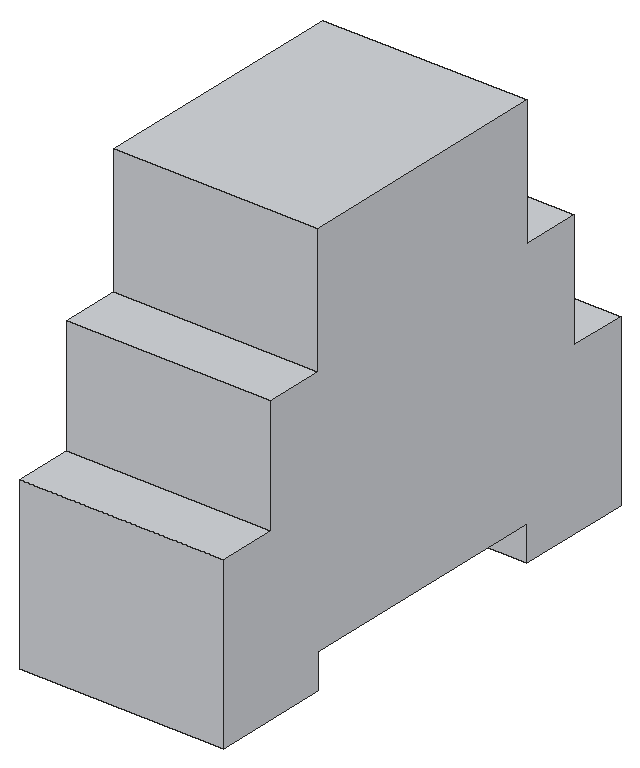
Revit family "Power-ModularDevices-GEWISS-90AM-BELL_BUZZER_TRANSFORMER", category Apparecchi elettrici, host Superficie, Revit 2016
Family settings
  Host = Superficie
  Mantenere orientamento annotazione = Sì
  Tipo di parte = Normale
  Quota connettore circolare = Usa diametro
  Numero OmniClass = 23.80.50.00
  Titolo OmniClass = Terminals for Power Supply
  Taglio con vuoti quando caricato = No
  Condiviso = No
  Punto di calcolo locali = Sì
Parameters (values of type "GW96411 - BELL/BUZZER  230V 2M. WITH TRANSFORMER")
  potenza in watt = 0 V
  carico = Altro
  Version file RFA = "18.0"
  URL = "https://www.gewiss.com/ww/en"
  Technical sheet = "https://www.gewiss.com/ww/en/search?q=GW96411"
  Spostamento_x = -3000 mm
  SS [instance] = 69.967 mm
  SIMBOLO IN PIANTA [instance] = yes
  SEO = "Combined device"
  Realized by GEWISS S.p.A. = ""
  Rated voltage = "230V"
  Default Elevation = 1219.2 mm
  Produttore = "GEWISS S.p.A."
  Power loss = "3,8VA"
  Numero di poli = 1
  Spost_x_eff [instance] = 4000 mm + Spostamento_x  # 1000 mm
  No. of modules EN 50022 = "2"
  No. Chorus modules = "2"
  Modello = "GW96411"
  Immagine tipo = GW96411.jpg
  IFC.TypeObject = ""
  IFC.ExportType = ""
  IFC.ExportAs = ""
  IDT = "a33a8038-7a60-4eae-8e2e-6ed17951036c"
  IDF = "5f240de2-d4ec-4ff8-8fb3-71f135fe2d75"
  Electrocod = "140"
  EAN code = "8011564063693"
  Descrizione = "BELL/BUZZER  230V 2M. WITH TRANSFORMER"
  Catalogue Range = "90 AM"
  Catalogue = "POWER"
  COBie.Tagnumber = ""
  COBie.CreatedOn = ""
  COBie.CreatebBy = ""
  COBie.ComponentRegisterItemID = ""
  COBie.Component.TagNumber = ""
  COBie.Component.Space = ""
  COBie.Component.SerialNumber = ""
  COBie.Component.InstallationDate = ""
  COBie.Component.Description = ""
  COBie.Component.BarCode = ""
  Barra_DIN = 5 mm
Values of the unnamed type that differ from the named types
  Version file RFA = ""
  Technical sheet = ""
  SEO = ""
  Rated voltage = ""
  Power loss = ""
  No. of modules EN 50022 = ""
  No. Chorus modules = ""
  IDT = ""
  IDF = ""
  Electrocod = ""
  EAN code = ""
  Catalogue Range = ""
  Catalogue = ""
Reference planes
  plane 1 "Centro (Fronte/Retro)": y = 0
  plane 2: z = 0
  plane 3 "Centro (Sinistra/Destra)": x = 0
  plane 4: z = 5
  plane 5: x = -1000
  plane 6: x = 0
  plane 7: y = 69.967
Dimensions and locks
  "Barra_DIN": host face to plane 4
  "Spost_x_eff": plane 5 to plane 6
  "SS": plane 1 "Centro (Fronte/Retro)" to plane 7
  aligned and locked: plane 2 to host face
  aligned and locked: level to host face
  aligned and locked: plane 6 to nested 1
  aligned and locked: nested 2 to plane 4
  aligned and locked: nested 2 to plane 7
Automatic sketch dimensions
  host sketch curve to host sketch curve = 6519.2 mm
  host sketch curve to host sketch curve = 4328.142 mm
Nested families
  nested 1: "SUONRONZ" at (0, 117.467, 0), visible <- "SIMBOLO IN PIANTA", type "SUONRONZ"
  nested 2: "GENERICO - 90AM SUONERIE RONZATORI CON TRF" at (0, 69.967, -60), type "GENERICO - 90AM SUONERIE RONZATORI CON TRF"
Definition of nested family "GENERICO - 90AM SUONERIE RONZATORI CON TRF"
  Parameters (values of type "GENERICO - 90AM SUONERIE RONZATORI CON TRF")
    h_barra din = if(Altezza barre = 1 mm, 69.9 mm, if(Altezza barre = 2 mm, 115.8 mm, 0 mm))  # 0 mm
    H = if(AB_O = 1, AB_V, if(AB_O = 2, AB_H, 50.8 mm))  # 50.8 mm
    Dist barra din = 0 mm  # constant formula
    C1 = 49 mm  # constant formula
    C = 65 mm  # constant formula
    B = 85 mm  # constant formula
    Altezza barre = 5 mm  # constant formula
    AB_V = 3 mm  # constant formula
    AB_H = 5 mm  # constant formula
    AB_O = 0  # constant formula
    A = 34.986 mm
  Reference planes
    plane 1 "Centro (Fronte/Retro)": y = 0
    plane 2: z = 0
    plane 3 "Centro (Sinistra/Destra)": x = 0
    plane 4: y = -42.5
    plane 5: y = 42.5
    plane 6: z = 0
    plane 7: z = -6
    plane 8 "top": z = 65
    plane 9 "incasso": z = 43
    plane 10: y = -22.5
    plane 11: y = 22.5
    plane 12: x = -17.493
    plane 13: x = 17.493
    plane 14: through (4267.2, -42.5, 9) normal (0, -0.1901, 0.9818)
    plane 15 "retro": z = 23
    plane 16: y = -32.5
    plane 17: y = 32.5
  Forms (mm)
    Extrusion 1, solid
      sketch origin (0, 0, 0) x (0, 1, 0) y (0, 0, 1)
        loop
          line (-22.5, 0) -> (22.5, 0) -> (22.5, -6) -> (42.5, -6) -> (42.5, 23) -> (32.5, 23) -> (32.5, 43) -> (22.5, 43) -> (22.5, 65) -> (-22.5, 65) -> (-22.5, 43) -> (-32.5, 43) -> (-32.5, 23) -> (-42.5, 23) -> (-42.5, -6) -> (-22.5, -6) -> (-22.5, 0)
      from -17.493 to 17.493
  Lines and regions (mm)
    symbolic lines
      curve 1: line (0, 0, 15) -> (0, 0, -6)
      curve 2: line (0, -22.5, 0) -> (0, 22.5, 0)
    model lines, detail levels fine
      curve 3: line (-13.823, -20.144, 65) -> (-13.823, -22.261, 65)
      curve 4: line (-13.823, -22.261, 65) -> (-14.533, -22.261, 65)
      curve 5: line (-14.533, -22.261, 65) -> (-14.944, -22.209, 65)
      curve 6: line (-14.944, -22.209, 65) -> (-15.447, -21.986, 65)
      curve 7: line (-15.447, -21.986, 65) -> (-15.847, -21.616, 65)
      curve 8: line (-15.847, -21.616, 65) -> (-16.111, -21.116, 65)
      curve 9: line (-16.111, -21.116, 65) -> (-16.193, -20.584, 65)
      curve 10: line (-16.193, -20.584, 65) -> (-16.114, -20.093, 65)
      curve 11: line (-16.114, -20.093, 65) -> (-15.901, -19.66, 65)
      curve 12: line (-15.901, -19.66, 65) -> (-15.52, -19.265, 65)
      curve 13: line (-15.52, -19.265, 65) -> (-15.059, -19.025, 65)
      curve 14: line (-15.059, -19.025, 65) -> (-14.54, -18.94, 65)
      curve 15: line (-14.54, -18.94, 65) -> (-13.823, -18.94, 65)
      curve 16: line (-13.823, -18.94, 65) -> (-13.823, -19.852, 65)
      curve 17: line (-13.823, -19.852, 65) -> (-15.028, -19.852, 65)
      curve 18: line (-15.028, -19.852, 65) -> (-15.028, -21.348, 65)
      curve 19: line (-15.028, -21.348, 65) -> (-14.735, -21.348, 65)
      curve 20: line (-14.735, -21.348, 65) -> (-14.735, -20.144, 65)
      curve 21: line (-14.735, -20.144, 65) -> (-13.823, -20.144, 65)
      curve 22: line (-10.959, -22.261, 65) -> (-13.531, -22.261, 65)
      curve 23: line (-13.531, -22.261, 65) -> (-13.531, -18.94, 65)
      curve 24: line (-13.531, -18.94, 65) -> (-12.163, -18.94, 65)
      curve 25: line (-12.163, -18.94, 65) -> (-12.163, -19.852, 65)
      curve 26: line (-12.163, -19.852, 65) -> (-12.62, -19.852, 65)
      curve 27: line (-12.62, -19.852, 65) -> (-12.62, -20.144, 65)
      curve 28: line (-12.62, -20.144, 65) -> (-10.959, -20.144, 65)
      curve 29: line (-10.959, -20.144, 65) -> (-10.959, -21.057, 65)
      curve 30: line (-10.959, -21.057, 65) -> (-12.619, -21.057, 65)
      curve 31: line (-12.619, -21.057, 65) -> (-12.619, -21.348, 65)
      curve 32: line (-12.619, -21.348, 65) -> (-10.959, -21.348, 65)
      curve 33: line (-10.959, -21.348, 65) -> (-10.959, -22.261, 65)
      curve 34: line (-6.305, -22.261, 65) -> (-6.305, -20.144, 65)
      curve 35: line (-6.305, -20.144, 65) -> (-7.218, -20.144, 65)
      curve 36: line (-7.218, -20.144, 65) -> (-7.218, -22.261, 65)
      curve 37: line (-7.218, -22.261, 65) -> (-6.305, -22.261, 65)
      curve 38: line (-9.362, -22.261, 65) -> (-9.088, -20.892, 65)
      curve 39: line (-9.088, -20.892, 65) -> (-8.814, -22.261, 65)
      curve 40: line (-8.814, -22.261, 65) -> (-7.902, -22.261, 65)
      curve 41: line (-7.902, -22.261, 65) -> (-7.336, -19.852, 65)
      curve 42: line (-7.336, -19.852, 65) -> (-6.305, -19.852, 65)
      curve 43: line (-6.305, -19.852, 65) -> (-6.305, -18.94, 65)
      curve 44: line (-6.305, -18.94, 65) -> (-8.057, -18.94, 65)
      curve 45: line (-8.057, -18.94, 65) -> (-8.386, -20.345, 65)
      curve 46: line (-8.386, -20.345, 65) -> (-8.614, -18.94, 65)
      curve 47: line (-8.614, -18.94, 65) -> (-9.563, -18.94, 65)
      curve 48: line (-9.563, -18.94, 65) -> (-9.791, -20.345, 65)
      curve 49: line (-9.791, -20.345, 65) -> (-10.119, -18.94, 65)
      curve 50: line (-10.119, -18.94, 65) -> (-11.871, -18.94, 65)
      curve 51: line (-11.871, -18.94, 65) -> (-11.871, -19.852, 65)
      curve 52: line (-11.871, -19.852, 65) -> (-10.84, -19.852, 65)
      curve 53: line (-10.84, -19.852, 65) -> (-10.275, -22.261, 65)
      curve 54: line (-10.275, -22.261, 65) -> (-9.362, -22.261, 65)
      curve 55: line (-3.44, -18.94, 65) -> (-6.013, -18.94, 65)
      curve 56: line (-6.013, -18.94, 65) -> (-6.013, -21.056, 65)
      curve 57: line (-6.013, -21.056, 65) -> (-4.353, -21.056, 65)
      curve 58: line (-4.353, -21.056, 65) -> (-4.353, -21.348, 65)
      curve 59: line (-4.353, -21.348, 65) -> (-6.013, -21.348, 65)
      curve 60: line (-6.013, -21.348, 65) -> (-6.013, -22.261, 65)
      curve 61: line (-6.013, -22.261, 65) -> (-3.44, -22.261, 65)
      curve 62: line (-3.44, -22.261, 65) -> (-3.44, -20.144, 65)
      curve 63: line (-3.44, -20.144, 65) -> (-5.101, -20.144, 65)
      curve 64: line (-5.101, -20.144, 65) -> (-5.101, -19.852, 65)
      curve 65: line (-5.101, -19.852, 65) -> (-3.44, -19.852, 65)
      curve 66: line (-3.44, -19.852, 65) -> (-3.44, -18.94, 65)
      curve 67: line (-3.148, -18.94, 65) -> (-3.148, -21.056, 65)
      curve 68: line (-3.148, -21.056, 65) -> (-1.6, -21.056, 65)
      curve 69: line (-1.6, -21.056, 65) -> (-1.6, -21.348, 65)
      curve 70: line (-1.6, -21.348, 65) -> (-3.148, -21.348, 65)
      curve 71: line (-3.148, -21.348, 65) -> (-3.148, -22.261, 65)
      curve 72: line (-3.148, -22.261, 65) -> (-2.236, -22.261, 65)
      curve 73: line (-2.236, -22.261, 65) -> (-1.709, -22.092, 65)
      curve 74: line (-1.709, -22.092, 65) -> (-1.369, -21.87, 65)
      curve 75: line (-1.369, -21.87, 65) -> (-0.98, -21.392, 65)
      curve 76: line (-0.98, -21.392, 65) -> (-0.799, -20.856, 65)
      curve 77: line (-0.799, -20.856, 65) -> (-0.793, -20.381, 65)
      curve 78: line (-0.793, -20.381, 65) -> (-0.843, -20.144, 65)
      curve 79: line (-0.843, -20.144, 65) -> (-2.236, -20.144, 65)
      curve 80: line (-2.236, -20.144, 65) -> (-2.236, -19.852, 65)
      curve 81: line (-2.236, -19.852, 65) -> (-0.967, -19.852, 65)
      curve 82: line (-0.967, -19.852, 65) -> (-1.132, -19.576, 65)
      curve 83: line (-1.132, -19.576, 65) -> (-1.369, -19.33, 65)
      curve 84: line (-1.369, -19.33, 65) -> (-1.699, -19.114, 65)
      curve 85: line (-1.699, -19.114, 65) -> (-2.044, -18.987, 65)
      curve 86: line (-2.044, -18.987, 65) -> (-2.432, -18.94, 65)
      curve 87: line (-2.432, -18.94, 65) -> (-3.148, -18.94, 65)
    model lines, detail levels medium+fine
      curve 88: line (-4.227, 11.663, 65) -> (-4.443, 11.144, 65)
      curve 89: line (-4.443, 11.144, 65) -> (-4.962, 10.929, 65)
      curve 90: line (-4.962, 10.929, 65) -> (-5.481, 11.144, 65)
      curve 91: line (-5.481, 11.144, 65) -> (-5.696, 11.663, 65)
      curve 92: line (-5.696, 11.663, 65) -> (-5.481, 12.182, 65)
      curve 93: line (-5.481, 12.182, 65) -> (-4.962, 12.398, 65)
      curve 94: line (-4.962, 12.398, 65) -> (-4.443, 12.182, 65)
      curve 95: line (-4.443, 12.182, 65) -> (-4.227, 11.663, 65)
      curve 96: line (0.773, 11.663, 65) -> (0.557, 11.144, 65)
      curve 97: line (0.557, 11.144, 65) -> (0.038, 10.929, 65)
      curve 98: line (0.038, 10.929, 65) -> (-0.481, 11.144, 65)
      curve 99: line (-0.481, 11.144, 65) -> (-0.696, 11.663, 65)
      curve 100: line (-0.696, 11.663, 65) -> (-0.481, 12.182, 65)
      curve 101: line (-0.481, 12.182, 65) -> (0.038, 12.398, 65)
      curve 102: line (0.038, 12.398, 65) -> (0.557, 12.182, 65)
      curve 103: line (0.557, 12.182, 65) -> (0.773, 11.663, 65)
      curve 104: line (5.773, 11.663, 65) -> (5.557, 11.144, 65)
      curve 105: line (5.557, 11.144, 65) -> (5.038, 10.929, 65)
      curve 106: line (5.038, 10.929, 65) -> (4.519, 11.144, 65)
      curve 107: line (4.519, 11.144, 65) -> (4.304, 11.663, 65)
      curve 108: line (4.304, 11.663, 65) -> (4.519, 12.182, 65)
      curve 109: line (4.519, 12.182, 65) -> (5.038, 12.398, 65)
      curve 110: line (5.038, 12.398, 65) -> (5.557, 12.182, 65)
      curve 111: line (5.557, 12.182, 65) -> (5.773, 11.663, 65)
      curve 112: line (-4.227, 6.663, 65) -> (-4.443, 6.144, 65)
      curve 113: line (-4.443, 6.144, 65) -> (-4.962, 5.929, 65)
      curve 114: line (-4.962, 5.929, 65) -> (-5.481, 6.144, 65)
      curve 115: line (-5.481, 6.144, 65) -> (-5.696, 6.663, 65)
      curve 116: line (-5.696, 6.663, 65) -> (-5.481, 7.182, 65)
      curve 117: line (-5.481, 7.182, 65) -> (-4.962, 7.398, 65)
      curve 118: line (-4.962, 7.398, 65) -> (-4.443, 7.182, 65)
      curve 119: line (-4.443, 7.182, 65) -> (-4.227, 6.663, 65)
      curve 120: line (0.773, 6.663, 65) -> (0.557, 6.144, 65)
      curve 121: line (0.557, 6.144, 65) -> (0.038, 5.929, 65)
      curve 122: line (0.038, 5.929, 65) -> (-0.481, 6.144, 65)
      curve 123: line (-0.481, 6.144, 65) -> (-0.696, 6.663, 65)
      curve 124: line (-0.696, 6.663, 65) -> (-0.481, 7.182, 65)
      curve 125: line (-0.481, 7.182, 65) -> (0.038, 7.398, 65)
      curve 126: line (0.038, 7.398, 65) -> (0.557, 7.182, 65)
      curve 127: line (0.557, 7.182, 65) -> (0.773, 6.663, 65)
      curve 128: line (5.773, 6.663, 65) -> (5.557, 6.144, 65)
      curve 129: line (5.557, 6.144, 65) -> (5.038, 5.929, 65)
      curve 130: line (5.038, 5.929, 65) -> (4.519, 6.144, 65)
      curve 131: line (4.519, 6.144, 65) -> (4.304, 6.663, 65)
      curve 132: line (4.304, 6.663, 65) -> (4.519, 7.182, 65)
      curve 133: line (4.519, 7.182, 65) -> (5.038, 7.398, 65)
      curve 134: line (5.038, 7.398, 65) -> (5.557, 7.182, 65)
      curve 135: line (5.557, 7.182, 65) -> (5.773, 6.663, 65)
      curve 136: line (-4.227, 1.663, 65) -> (-4.443, 1.144, 65)
      curve 137: line (-4.443, 1.144, 65) -> (-4.962, 0.929, 65)
      curve 138: line (-4.962, 0.929, 65) -> (-5.481, 1.144, 65)
      curve 139: line (-5.481, 1.144, 65) -> (-5.696, 1.663, 65)
      curve 140: line (-5.696, 1.663, 65) -> (-5.481, 2.182, 65)
      curve 141: line (-5.481, 2.182, 65) -> (-4.962, 2.398, 65)
      curve 142: line (-4.962, 2.398, 65) -> (-4.443, 2.182, 65)
      curve 143: line (-4.443, 2.182, 65) -> (-4.227, 1.663, 65)
      curve 144: line (0.773, 1.663, 65) -> (0.557, 1.144, 65)
      curve 145: line (0.557, 1.144, 65) -> (0.038, 0.929, 65)
      curve 146: line (0.038, 0.929, 65) -> (-0.481, 1.144, 65)
      curve 147: line (-0.481, 1.144, 65) -> (-0.696, 1.663, 65)
      curve 148: line (-0.696, 1.663, 65) -> (-0.481, 2.182, 65)
      curve 149: line (-0.481, 2.182, 65) -> (0.038, 2.398, 65)
      curve 150: line (0.038, 2.398, 65) -> (0.557, 2.182, 65)
      curve 151: line (0.557, 2.182, 65) -> (0.773, 1.663, 65)
      curve 152: line (5.773, 1.663, 65) -> (5.557, 1.144, 65)
      curve 153: line (5.557, 1.144, 65) -> (5.038, 0.929, 65)
      curve 154: line (5.038, 0.929, 65) -> (4.519, 1.144, 65)
      curve 155: line (4.519, 1.144, 65) -> (4.304, 1.663, 65)
      curve 156: line (4.304, 1.663, 65) -> (4.519, 2.182, 65)
      curve 157: line (4.519, 2.182, 65) -> (5.038, 2.398, 65)
      curve 158: line (5.038, 2.398, 65) -> (5.557, 2.182, 65)
      curve 159: line (5.557, 2.182, 65) -> (5.773, 1.663, 65)
      curve 160: line (-4.227, -3.337, 65) -> (-4.443, -3.856, 65)
      curve 161: line (-4.443, -3.856, 65) -> (-4.962, -4.071, 65)
      curve 162: line (-4.962, -4.071, 65) -> (-5.481, -3.856, 65)
      curve 163: line (-5.481, -3.856, 65) -> (-5.696, -3.337, 65)
      curve 164: line (-5.696, -3.337, 65) -> (-5.481, -2.818, 65)
      curve 165: line (-5.481, -2.818, 65) -> (-4.962, -2.602, 65)
      curve 166: line (-4.962, -2.602, 65) -> (-4.443, -2.818, 65)
      curve 167: line (-4.443, -2.818, 65) -> (-4.227, -3.337, 65)
      curve 168: line (0.773, -3.337, 65) -> (0.557, -3.856, 65)
      curve 169: line (0.557, -3.856, 65) -> (0.038, -4.071, 65)
      curve 170: line (0.038, -4.071, 65) -> (-0.481, -3.856, 65)
      curve 171: line (-0.481, -3.856, 65) -> (-0.696, -3.337, 65)
      curve 172: line (-0.696, -3.337, 65) -> (-0.481, -2.818, 65)
      curve 173: line (-0.481, -2.818, 65) -> (0.038, -2.602, 65)
      curve 174: line (0.038, -2.602, 65) -> (0.557, -2.818, 65)
      curve 175: line (0.557, -2.818, 65) -> (0.773, -3.337, 65)
      curve 176: line (5.773, -3.337, 65) -> (5.557, -3.856, 65)
      curve 177: line (5.557, -3.856, 65) -> (5.038, -4.071, 65)
      curve 178: line (5.038, -4.071, 65) -> (4.519, -3.856, 65)
      curve 179: line (4.519, -3.856, 65) -> (4.304, -3.337, 65)
      curve 180: line (4.304, -3.337, 65) -> (4.519, -2.818, 65)
      curve 181: line (4.519, -2.818, 65) -> (5.038, -2.602, 65)
      curve 182: line (5.038, -2.602, 65) -> (5.557, -2.818, 65)
      curve 183: line (5.557, -2.818, 65) -> (5.773, -3.337, 65)
      curve 184: line (-4.227, -8.337, 65) -> (-4.443, -8.856, 65)
      curve 185: line (-4.443, -8.856, 65) -> (-4.962, -9.071, 65)
      curve 186: line (-4.962, -9.071, 65) -> (-5.481, -8.856, 65)
      curve 187: line (-5.481, -8.856, 65) -> (-5.696, -8.337, 65)
      curve 188: line (-5.696, -8.337, 65) -> (-5.481, -7.818, 65)
      curve 189: line (-5.481, -7.818, 65) -> (-4.962, -7.602, 65)
      curve 190: line (-4.962, -7.602, 65) -> (-4.443, -7.818, 65)
      curve 191: line (-4.443, -7.818, 65) -> (-4.227, -8.337, 65)
      curve 192: line (0.773, -8.337, 65) -> (0.557, -8.856, 65)
      curve 193: line (0.557, -8.856, 65) -> (0.038, -9.071, 65)
      curve 194: line (0.038, -9.071, 65) -> (-0.481, -8.856, 65)
      curve 195: line (-0.481, -8.856, 65) -> (-0.696, -8.337, 65)
      curve 196: line (-0.696, -8.337, 65) -> (-0.481, -7.818, 65)
      curve 197: line (-0.481, -7.818, 65) -> (0.038, -7.602, 65)
      curve 198: line (0.038, -7.602, 65) -> (0.557, -7.818, 65)
      curve 199: line (0.557, -7.818, 65) -> (0.773, -8.337, 65)
      curve 200: line (5.773, -8.337, 65) -> (5.557, -8.856, 65)
      curve 201: line (5.557, -8.856, 65) -> (5.038, -9.071, 65)
      curve 202: line (5.038, -9.071, 65) -> (4.519, -8.856, 65)
      curve 203: line (4.519, -8.856, 65) -> (4.304, -8.337, 65)
      curve 204: line (4.304, -8.337, 65) -> (4.519, -7.818, 65)
      curve 205: line (4.519, -7.818, 65) -> (5.038, -7.602, 65)
      curve 206: line (5.038, -7.602, 65) -> (5.557, -7.818, 65)
      curve 207: line (5.557, -7.818, 65) -> (5.773, -8.337, 65)
      curve 208: line (-9.227, 11.663, 65) -> (-9.443, 11.144, 65)
      curve 209: line (-9.443, 11.144, 65) -> (-9.962, 10.929, 65)
      curve 210: line (-9.962, 10.929, 65) -> (-10.481, 11.144, 65)
      curve 211: line (-10.481, 11.144, 65) -> (-10.696, 11.663, 65)
      curve 212: line (-10.696, 11.663, 65) -> (-10.481, 12.182, 65)
      curve 213: line (-10.481, 12.182, 65) -> (-9.962, 12.398, 65)
      curve 214: line (-9.962, 12.398, 65) -> (-9.443, 12.182, 65)
      curve 215: line (-9.443, 12.182, 65) -> (-9.227, 11.663, 65)
      curve 216: line (-9.227, 6.663, 65) -> (-9.443, 6.144, 65)
      curve 217: line (-9.443, 6.144, 65) -> (-9.962, 5.929, 65)
      curve 218: line (-9.962, 5.929, 65) -> (-10.481, 6.144, 65)
      curve 219: line (-10.481, 6.144, 65) -> (-10.696, 6.663, 65)
      curve 220: line (-10.696, 6.663, 65) -> (-10.481, 7.182, 65)
      curve 221: line (-10.481, 7.182, 65) -> (-9.962, 7.398, 65)
      curve 222: line (-9.962, 7.398, 65) -> (-9.443, 7.182, 65)
      curve 223: line (-9.443, 7.182, 65) -> (-9.227, 6.663, 65)
      curve 224: line (-9.227, 1.663, 65) -> (-9.443, 1.144, 65)
      curve 225: line (-9.443, 1.144, 65) -> (-9.962, 0.929, 65)
      curve 226: line (-9.962, 0.929, 65) -> (-10.481, 1.144, 65)
      curve 227: line (-10.481, 1.144, 65) -> (-10.696, 1.663, 65)
      curve 228: line (-10.696, 1.663, 65) -> (-10.481, 2.182, 65)
      curve 229: line (-10.481, 2.182, 65) -> (-9.962, 2.398, 65)
      curve 230: line (-9.962, 2.398, 65) -> (-9.443, 2.182, 65)
      curve 231: line (-9.443, 2.182, 65) -> (-9.227, 1.663, 65)
      curve 232: line (-9.227, -3.337, 65) -> (-9.443, -3.856, 65)
      curve 233: line (-9.443, -3.856, 65) -> (-9.962, -4.071, 65)
      curve 234: line (-9.962, -4.071, 65) -> (-10.481, -3.856, 65)
      curve 235: line (-10.481, -3.856, 65) -> (-10.696, -3.337, 65)
      curve 236: line (-10.696, -3.337, 65) -> (-10.481, -2.818, 65)
      curve 237: line (-10.481, -2.818, 65) -> (-9.962, -2.602, 65)
      curve 238: line (-9.962, -2.602, 65) -> (-9.443, -2.818, 65)
      curve 239: line (-9.443, -2.818, 65) -> (-9.227, -3.337, 65)
      curve 240: line (-9.227, -8.337, 65) -> (-9.443, -8.856, 65)
      curve 241: line (-9.443, -8.856, 65) -> (-9.962, -9.071, 65)
      curve 242: line (-9.962, -9.071, 65) -> (-10.481, -8.856, 65)
      curve 243: line (-10.481, -8.856, 65) -> (-10.696, -8.337, 65)
      curve 244: line (-10.696, -8.337, 65) -> (-10.481, -7.818, 65)
      curve 245: line (-10.481, -7.818, 65) -> (-9.962, -7.602, 65)
      curve 246: line (-9.962, -7.602, 65) -> (-9.443, -7.818, 65)
      curve 247: line (-9.443, -7.818, 65) -> (-9.227, -8.337, 65)
      curve 248: line (10.773, 11.663, 65) -> (10.557, 11.144, 65)
      curve 249: line (10.557, 11.144, 65) -> (10.038, 10.929, 65)
      curve 250: line (10.038, 10.929, 65) -> (9.519, 11.144, 65)
      curve 251: line (9.519, 11.144, 65) -> (9.304, 11.663, 65)
      curve 252: line (9.304, 11.663, 65) -> (9.519, 12.182, 65)
      curve 253: line (9.519, 12.182, 65) -> (10.038, 12.398, 65)
      curve 254: line (10.038, 12.398, 65) -> (10.557, 12.182, 65)
      curve 255: line (10.557, 12.182, 65) -> (10.773, 11.663, 65)
      curve 256: line (15.773, 11.663, 65) -> (15.557, 11.144, 65)
      curve 257: line (15.557, 11.144, 65) -> (15.038, 10.929, 65)
      curve 258: line (15.038, 10.929, 65) -> (14.519, 11.144, 65)
      curve 259: line (14.519, 11.144, 65) -> (14.304, 11.663, 65)
      curve 260: line (14.304, 11.663, 65) -> (14.519, 12.182, 65)
      curve 261: line (14.519, 12.182, 65) -> (15.038, 12.398, 65)
      curve 262: line (15.038, 12.398, 65) -> (15.557, 12.182, 65)
      curve 263: line (15.557, 12.182, 65) -> (15.773, 11.663, 65)
      curve 264: line (10.773, 6.663, 65) -> (10.557, 6.144, 65)
      curve 265: line (10.557, 6.144, 65) -> (10.038, 5.929, 65)
      curve 266: line (10.038, 5.929, 65) -> (9.519, 6.144, 65)
      curve 267: line (9.519, 6.144, 65) -> (9.304, 6.663, 65)
      curve 268: line (9.304, 6.663, 65) -> (9.519, 7.182, 65)
      curve 269: line (9.519, 7.182, 65) -> (10.038, 7.398, 65)
      curve 270: line (10.038, 7.398, 65) -> (10.557, 7.182, 65)
      curve 271: line (10.557, 7.182, 65) -> (10.773, 6.663, 65)
      curve 272: line (15.773, 6.663, 65) -> (15.557, 6.144, 65)
      curve 273: line (15.557, 6.144, 65) -> (15.038, 5.929, 65)
      curve 274: line (15.038, 5.929, 65) -> (14.519, 6.144, 65)
      curve 275: line (14.519, 6.144, 65) -> (14.304, 6.663, 65)
      curve 276: line (14.304, 6.663, 65) -> (14.519, 7.182, 65)
      curve 277: line (14.519, 7.182, 65) -> (15.038, 7.398, 65)
      curve 278: line (15.038, 7.398, 65) -> (15.557, 7.182, 65)
      curve 279: line (15.557, 7.182, 65) -> (15.773, 6.663, 65)
      curve 280: line (10.773, 1.663, 65) -> (10.557, 1.144, 65)
      curve 281: line (10.557, 1.144, 65) -> (10.038, 0.929, 65)
      curve 282: line (10.038, 0.929, 65) -> (9.519, 1.144, 65)
      curve 283: line (9.519, 1.144, 65) -> (9.304, 1.663, 65)
      curve 284: line (9.304, 1.663, 65) -> (9.519, 2.182, 65)
      curve 285: line (9.519, 2.182, 65) -> (10.038, 2.398, 65)
      curve 286: line (10.038, 2.398, 65) -> (10.557, 2.182, 65)
      curve 287: line (10.557, 2.182, 65) -> (10.773, 1.663, 65)
      curve 288: line (15.773, 1.663, 65) -> (15.557, 1.144, 65)
      curve 289: line (15.557, 1.144, 65) -> (15.038, 0.929, 65)
      curve 290: line (15.038, 0.929, 65) -> (14.519, 1.144, 65)
      curve 291: line (14.519, 1.144, 65) -> (14.304, 1.663, 65)
      curve 292: line (14.304, 1.663, 65) -> (14.519, 2.182, 65)
      curve 293: line (14.519, 2.182, 65) -> (15.038, 2.398, 65)
      curve 294: line (15.038, 2.398, 65) -> (15.557, 2.182, 65)
      curve 295: line (15.557, 2.182, 65) -> (15.773, 1.663, 65)
      curve 296: line (10.773, -3.337, 65) -> (10.557, -3.856, 65)
      curve 297: line (10.557, -3.856, 65) -> (10.038, -4.071, 65)
      curve 298: line (10.038, -4.071, 65) -> (9.519, -3.856, 65)
      curve 299: line (9.519, -3.856, 65) -> (9.304, -3.337, 65)
      curve 300: line (9.304, -3.337, 65) -> (9.519, -2.818, 65)
      curve 301: line (9.519, -2.818, 65) -> (10.038, -2.602, 65)
      curve 302: line (10.038, -2.602, 65) -> (10.557, -2.818, 65)
      curve 303: line (10.557, -2.818, 65) -> (10.773, -3.337, 65)
      curve 304: line (15.773, -3.337, 65) -> (15.557, -3.856, 65)
      curve 305: line (15.557, -3.856, 65) -> (15.038, -4.071, 65)
      curve 306: line (15.038, -4.071, 65) -> (14.519, -3.856, 65)
      curve 307: line (14.519, -3.856, 65) -> (14.304, -3.337, 65)
      curve 308: line (14.304, -3.337, 65) -> (14.519, -2.818, 65)
      curve 309: line (14.519, -2.818, 65) -> (15.038, -2.602, 65)
      curve 310: line (15.038, -2.602, 65) -> (15.557, -2.818, 65)
      curve 311: line (15.557, -2.818, 65) -> (15.773, -3.337, 65)
      curve 312: line (10.773, -8.337, 65) -> (10.557, -8.856, 65)
      curve 313: line (10.557, -8.856, 65) -> (10.038, -9.071, 65)
      curve 314: line (10.038, -9.071, 65) -> (9.519, -8.856, 65)
      curve 315: line (9.519, -8.856, 65) -> (9.304, -8.337, 65)
      curve 316: line (9.304, -8.337, 65) -> (9.519, -7.818, 65)
      curve 317: line (9.519, -7.818, 65) -> (10.038, -7.602, 65)
      curve 318: line (10.038, -7.602, 65) -> (10.557, -7.818, 65)
      curve 319: line (10.557, -7.818, 65) -> (10.773, -8.337, 65)
      curve 320: line (15.773, -8.337, 65) -> (15.557, -8.856, 65)
      curve 321: line (15.557, -8.856, 65) -> (15.038, -9.071, 65)
      curve 322: line (15.038, -9.071, 65) -> (14.519, -8.856, 65)
      curve 323: line (14.519, -8.856, 65) -> (14.304, -8.337, 65)
      curve 324: line (14.304, -8.337, 65) -> (14.519, -7.818, 65)
      curve 325: line (14.519, -7.818, 65) -> (15.038, -7.602, 65)
      curve 326: line (15.038, -7.602, 65) -> (15.557, -7.818, 65)
      curve 327: line (15.557, -7.818, 65) -> (15.773, -8.337, 65)
      curve 328: line (-14.227, 11.663, 65) -> (-14.443, 11.144, 65)
      curve 329: line (-14.443, 11.144, 65) -> (-14.962, 10.929, 65)
      curve 330: line (-14.962, 10.929, 65) -> (-15.481, 11.144, 65)
      curve 331: line (-15.481, 11.144, 65) -> (-15.696, 11.663, 65)
      curve 332: line (-15.696, 11.663, 65) -> (-15.481, 12.182, 65)
      curve 333: line (-15.481, 12.182, 65) -> (-14.962, 12.398, 65)
      curve 334: line (-14.962, 12.398, 65) -> (-14.443, 12.182, 65)
      curve 335: line (-14.443, 12.182, 65) -> (-14.227, 11.663, 65)
      curve 336: line (-14.227, 6.663, 65) -> (-14.443, 6.144, 65)
      curve 337: line (-14.443, 6.144, 65) -> (-14.962, 5.929, 65)
      curve 338: line (-14.962, 5.929, 65) -> (-15.481, 6.144, 65)
      curve 339: line (-15.481, 6.144, 65) -> (-15.696, 6.663, 65)
      curve 340: line (-15.696, 6.663, 65) -> (-15.481, 7.182, 65)
      curve 341: line (-15.481, 7.182, 65) -> (-14.962, 7.398, 65)
      curve 342: line (-14.962, 7.398, 65) -> (-14.443, 7.182, 65)
      curve 343: line (-14.443, 7.182, 65) -> (-14.227, 6.663, 65)
      curve 344: line (-14.227, 1.663, 65) -> (-14.443, 1.144, 65)
      curve 345: line (-14.443, 1.144, 65) -> (-14.962, 0.929, 65)
      curve 346: line (-14.962, 0.929, 65) -> (-15.481, 1.144, 65)
      curve 347: line (-15.481, 1.144, 65) -> (-15.696, 1.663, 65)
      curve 348: line (-15.696, 1.663, 65) -> (-15.481, 2.182, 65)
      curve 349: line (-15.481, 2.182, 65) -> (-14.962, 2.398, 65)
      curve 350: line (-14.962, 2.398, 65) -> (-14.443, 2.182, 65)
      curve 351: line (-14.443, 2.182, 65) -> (-14.227, 1.663, 65)
      curve 352: line (-14.227, -3.337, 65) -> (-14.443, -3.856, 65)
      curve 353: line (-14.443, -3.856, 65) -> (-14.962, -4.071, 65)
      curve 354: line (-14.962, -4.071, 65) -> (-15.481, -3.856, 65)
      curve 355: line (-15.481, -3.856, 65) -> (-15.696, -3.337, 65)
      curve 356: line (-15.696, -3.337, 65) -> (-15.481, -2.818, 65)
      curve 357: line (-15.481, -2.818, 65) -> (-14.962, -2.602, 65)
      curve 358: line (-14.962, -2.602, 65) -> (-14.443, -2.818, 65)
      curve 359: line (-14.443, -2.818, 65) -> (-14.227, -3.337, 65)
      curve 360: line (-14.227, -8.337, 65) -> (-14.443, -8.856, 65)
      curve 361: line (-14.443, -8.856, 65) -> (-14.962, -9.071, 65)
      curve 362: line (-14.962, -9.071, 65) -> (-15.481, -8.856, 65)
      curve 363: line (-15.481, -8.856, 65) -> (-15.696, -8.337, 65)
      curve 364: line (-15.696, -8.337, 65) -> (-15.481, -7.818, 65)
      curve 365: line (-15.481, -7.818, 65) -> (-14.962, -7.602, 65)
      curve 366: line (-14.962, -7.602, 65) -> (-14.443, -7.818, 65)
      curve 367: line (-14.443, -7.818, 65) -> (-14.227, -8.337, 65)
      curve 368: circle (-13.181, -36.591, 23) r 2.5 normal (0, 0, 1)
      curve 369: circle (-4.67, -36.591, 23) r 2.5 normal (0, 0, 1)
      curve 370: circle (4.319, -36.591, 23) r 2.5 normal (0, 0, 1)
      curve 371: circle (12.83, -36.591, 23) r 2.5 normal (0, 0, 1)
      curve 372: circle (-12.868, 36.25, 23) r 2.5 normal (0, 0, 1)
      curve 373: circle (-4.357, 36.25, 23) r 2.5 normal (0, 0, 1)
      curve 374: circle (4.632, 36.25, 23) r 2.5 normal (0, 0, 1)
      curve 375: circle (13.143, 36.25, 23) r 2.5 normal (0, 0, 1)
  Text (mm)
    text "AB_V" at (0, 50.868, 44.72), in view "Destra"
    text "AB_O" at (0, -80.659, 111.963), in view "Destra"
  Dimensions and locks
    equal spacing: plane 4, plane 1 "Centro (Fronte/Retro)", plane 5
    "B": plane 4 to plane 5
    "Dist barra din": plane 6 to level
    locked: plane 6 to plane 7 at 6
    "C": plane 8 "top" to plane 6
    equal spacing: plane 10, plane 1 "Centro (Fronte/Retro)", plane 11
    plane 10 to plane 11 = 45 mm
    equal spacing: plane 12, plane 3 "Centro (Sinistra/Destra)", plane 13
    "A": plane 12 to plane 13
    "C1": plane 9 "incasso" to plane 7
    locked: plane 16 to plane 10 at 10
    locked: plane 11 to plane 17 at 10
    angle level to plane 14 = 10.9557°
    angle plane 4 to plane 8 "top" = 90.00°
    aligned and locked: level to plane 2
    aligned and locked: Extrusion 1 sketch curve to plane 6
    aligned and locked: Extrusion 1 sketch curve to plane 7
    aligned and locked: Extrusion 1 sketch curve to plane 4
    aligned and locked: Extrusion 1 sketch curve to plane 11  (x2)
    aligned and locked: Extrusion 1 sketch curve to plane 10
    aligned and locked: plane 1 "Centro (Fronte/Retro)" to curve 1
    aligned and locked: Extrusion 1 to plane 6
    aligned and locked: Extrusion 1 to plane 12
    aligned and locked: plane 13 to Extrusion 1
    aligned and locked: plane 10 to Extrusion 1 sketch curve
    aligned and locked: Extrusion 1 sketch curve to plane 9 "incasso"
    aligned and locked: plane 9 "incasso" to Extrusion 1 sketch curve
    aligned and locked: Extrusion 1 sketch curve to plane 5
    aligned and locked: Extrusion 1 sketch curve to plane 16
    aligned and locked: Extrusion 1 sketch curve to plane 17
    aligned and locked: Extrusion 1 sketch curve to plane 15 "retro"
    aligned and locked: plane 15 "retro" to Extrusion 1 sketch curve
  Automatic sketch dimensions
    Extrusion 1 sketch curve to plane 7 = 0 mm
    Extrusion 1 sketch curve to plane 8 "top" = 0 mm
    curve 2 to level = 0 mm
    curve 2 to plane 10 = 0 mm
    curve 2 to plane 11 = 0 mm
    curve 1 to plane 7 = 0 mm
    plane 15 "retro" to curve 1 = 8 mm
    plane 3 "Centro (Sinistra/Destra)" to curve 101 = 0.038 mm
    curve 101 to plane 11 = 10.102 mm
    plane 12 to curve 333 = 2.531 mm
    curve 333 to plane 11 = 10.102 mm
    curve 333 to curve 213 = 0 mm
    curve 262 to plane 13 = 2.455 mm
    curve 262 to plane 11 = 10.102 mm
    curve 254 to curve 261 = 0 mm
    curve 94 to plane 3 "Centro (Sinistra/Destra)" = 4.962 mm
    curve 94 to curve 101 = 0 mm
    curve 101 to curve 109 = 0 mm
    curve 109 to curve 110 = 0.215 mm
    curve 93 to plane 3 "Centro (Sinistra/Destra)" = 5.481 mm
    curve 93 to curve 93 = 0.215 mm
    plane 3 "Centro (Sinistra/Destra)" to curve 109 = 4.519 mm
    curve 109 to curve 109 = 0.215 mm
    plane 12 to curve 332 = 2.012 mm
    curve 333 to curve 332 = 0.215 mm
    plane 12 to curve 335 = 3.051 mm
    curve 333 to curve 335 = 0.215 mm
    curve 253 to curve 252 = 0.215 mm
    curve 213 to curve 214 = 0.215 mm
    curve 253 to curve 254 = 0.215 mm
    curve 94 to plane 3 "Centro (Sinistra/Destra)" = 4.443 mm
    curve 93 to curve 94 = 0.215 mm
    curve 263 to plane 13 = 1.936 mm
    curve 261 to curve 263 = 0.215 mm
    plane 3 "Centro (Sinistra/Destra)" to curve 103 = 0.557 mm
    curve 101 to curve 103 = 0.215 mm
    curve 213 to curve 213 = 0.215 mm
    curve 101 to plane 3 "Centro (Sinistra/Destra)" = 0.481 mm
    curve 101 to curve 101 = 0.215 mm
    curve 261 to plane 13 = 2.974 mm
    curve 261 to curve 261 = 0.215 mm
    curve 99 to plane 3 "Centro (Sinistra/Destra)" = 0.696 mm
    curve 100 to curve 99 = 0.519 mm
    curve 260 to plane 13 = 3.19 mm
    curve 260 to curve 260 = 0.519 mm
    plane 3 "Centro (Sinistra/Destra)" to curve 103 = 0.773 mm
    curve 102 to curve 103 = 0.519 mm
    curve 110 to curve 104 = 0.519 mm
    curve 263 to plane 13 = 1.721 mm
    curve 262 to curve 263 = 0.519 mm
    curve 95 to plane 3 "Centro (Sinistra/Destra)" = 4.227 mm
    curve 94 to curve 95 = 0.519 mm
    plane 12 to curve 328 = 3.266 mm
    curve 334 to curve 328 = 0.519 mm
    plane 12 to curve 331 = 1.797 mm
    curve 332 to curve 331 = 0.519 mm
    curve 254 to curve 255 = 0.519 mm
    plane 3 "Centro (Sinistra/Destra)" to curve 107 = 4.304 mm
    curve 108 to curve 107 = 0.519 mm
    curve 252 to curve 252 = 0.519 mm
    curve 92 to plane 3 "Centro (Sinistra/Destra)" = 5.696 mm
    curve 92 to curve 92 = 0.519 mm
    curve 214 to curve 208 = 0.519 mm
    curve 212 to curve 212 = 0.519 mm
    curve 104 to curve 104 = 0.519 mm
    curve 91 to plane 3 "Centro (Sinistra/Destra)" = 5.481 mm
    curve 91 to curve 91 = 0.519 mm
    curve 208 to curve 208 = 0.519 mm
    plane 12 to curve 331 = 2.012 mm
    curve 331 to curve 331 = 0.519 mm
    curve 88 to plane 3 "Centro (Sinistra/Destra)" = 4.443 mm
    curve 88 to curve 88 = 0.519 mm
    plane 12 to curve 329 = 3.051 mm
    curve 328 to curve 329 = 0.519 mm
    curve 248 to curve 248 = 0.519 mm
    plane 3 "Centro (Sinistra/Destra)" to curve 96 = 0.557 mm
    curve 96 to curve 96 = 0.519 mm
    curve 251 to curve 250 = 0.519 mm
    curve 98 to plane 3 "Centro (Sinistra/Destra)" = 0.481 mm
    curve 99 to curve 98 = 0.519 mm
    curve 211 to curve 211 = 0.519 mm
    plane 3 "Centro (Sinistra/Destra)" to curve 107 = 4.519 mm
    curve 107 to curve 107 = 0.519 mm
    curve 259 to plane 13 = 2.974 mm
    curve 259 to curve 259 = 0.519 mm
    curve 257 to plane 13 = 1.936 mm
    curve 256 to curve 257 = 0.519 mm
    curve 257 to plane 13 = 2.455 mm
    curve 258 to curve 257 = 0.215 mm
    curve 106 to curve 105 = 0.215 mm
    plane 12 to curve 330 = 2.531 mm
    curve 330 to curve 330 = 0.215 mm
    curve 210 to curve 209 = 0.215 mm
    curve 89 to plane 3 "Centro (Sinistra/Destra)" = 4.962 mm
    curve 90 to curve 89 = 0.215 mm
    plane 3 "Centro (Sinistra/Destra)" to curve 98 = 0.038 mm
    curve 98 to curve 98 = 0.215 mm
    curve 248 to curve 250 = 0.215 mm
    plane 12 to curve 342 = 2.531 mm
    curve 329 to curve 342 = 3.531 mm
    plane 3 "Centro (Sinistra/Destra)" to curve 125 = 0.038 mm
    curve 97 to curve 125 = 3.531 mm
    curve 89 to curve 117 = 3.531 mm
    curve 277 to plane 13 = 2.455 mm
    curve 257 to curve 277 = 3.531 mm
    curve 105 to curve 133 = 3.531 mm
    curve 249 to curve 270 = 3.531 mm
    curve 209 to curve 221 = 3.531 mm
    curve 133 to curve 135 = 0.215 mm
    plane 12 to curve 341 = 2.012 mm
    curve 341 to curve 341 = 0.215 mm
    plane 12 to curve 342 = 3.051 mm
    curve 341 to curve 342 = 0.215 mm
    curve 221 to curve 223 = 0.215 mm
    curve 221 to curve 221 = 0.215 mm
    curve 124 to plane 3 "Centro (Sinistra/Destra)" = 0.481 mm
    curve 125 to curve 124 = 0.215 mm
    curve 277 to plane 13 = 2.974 mm
    curve 277 to curve 277 = 0.215 mm
    curve 117 to curve 119 = 0.215 mm
    curve 278 to plane 13 = 1.936 mm
    curve 277 to curve 278 = 0.215 mm
    curve 117 to curve 117 = 0.215 mm
    plane 3 "Centro (Sinistra/Destra)" to curve 126 = 0.557 mm
    curve 125 to curve 126 = 0.215 mm
    curve 133 to curve 133 = 0.215 mm
    curve 269 to curve 268 = 0.215 mm
    curve 269 to curve 270 = 0.215 mm
    curve 272 to plane 13 = 1.721 mm
    curve 278 to curve 272 = 0.519 mm
    curve 270 to curve 271 = 0.519 mm
    curve 118 to curve 112 = 0.519 mm
    curve 116 to curve 115 = 0.519 mm
    curve 132 to curve 131 = 0.519 mm
    curve 134 to curve 128 = 0.519 mm
    plane 3 "Centro (Sinistra/Destra)" to curve 127 = 0.773 mm
    curve 126 to curve 127 = 0.519 mm
    curve 268 to curve 268 = 0.519 mm
    curve 222 to curve 216 = 0.519 mm
    curve 276 to plane 13 = 3.19 mm
    curve 276 to curve 276 = 0.519 mm
    curve 123 to plane 3 "Centro (Sinistra/Destra)" = 0.696 mm
    curve 124 to curve 123 = 0.519 mm
    curve 220 to curve 219 = 0.519 mm
    curve 342 to curve 336 = 0.519 mm
    plane 12 to curve 340 = 1.797 mm
    curve 340 to curve 340 = 0.519 mm
    plane 12 to curve 339 = 2.012 mm
    curve 339 to curve 339 = 0.519 mm
    curve 112 to curve 112 = 0.519 mm
    curve 131 to curve 130 = 0.519 mm
    curve 336 to curve 337 = 0.519 mm
    plane 3 "Centro (Sinistra/Destra)" to curve 121 = 0.557 mm
    curve 120 to curve 121 = 0.519 mm
    curve 264 to curve 264 = 0.519 mm
    curve 275 to plane 13 = 2.974 mm
    curve 275 to curve 275 = 0.519 mm
    curve 219 to curve 219 = 0.519 mm
    curve 123 to plane 3 "Centro (Sinistra/Destra)" = 0.481 mm
    curve 123 to curve 123 = 0.519 mm
    curve 273 to plane 13 = 1.936 mm
    curve 272 to curve 273 = 0.519 mm
    curve 128 to curve 129 = 0.519 mm
    curve 267 to curve 266 = 0.519 mm
    curve 216 to curve 217 = 0.519 mm
    curve 115 to curve 115 = 0.519 mm
    curve 130 to curve 129 = 0.215 mm
    plane 3 "Centro (Sinistra/Destra)" to curve 122 = 0.038 mm
    curve 122 to curve 122 = 0.215 mm
    curve 218 to curve 217 = 0.215 mm
    curve 273 to plane 13 = 2.455 mm
    curve 274 to curve 273 = 0.215 mm
    curve 264 to curve 265 = 0.215 mm
    curve 338 to curve 337 = 0.215 mm
    curve 114 to curve 113 = 0.215 mm
    curve 142 to plane 1 "Centro (Fronte/Retro)" = 2.398 mm
    curve 293 to plane 1 "Centro (Fronte/Retro)" = 2.398 mm
    curve 286 to plane 1 "Centro (Fronte/Retro)" = 2.398 mm
    curve 350 to plane 1 "Centro (Fronte/Retro)" = 2.398 mm
    plane 3 "Centro (Sinistra/Destra)" to curve 150 = 0.038 mm
    curve 150 to plane 1 "Centro (Fronte/Retro)" = 2.398 mm
    curve 230 to plane 1 "Centro (Fronte/Retro)" = 2.398 mm
    curve 158 to plane 1 "Centro (Fronte/Retro)" = 2.398 mm
    curve 349 to curve 351 = 0.215 mm
    curve 349 to curve 348 = 0.215 mm
    curve 157 to curve 159 = 0.215 mm
    curve 157 to curve 157 = 0.215 mm
    curve 229 to curve 231 = 0.215 mm
    curve 285 to curve 284 = 0.215 mm
    curve 285 to curve 286 = 0.215 mm
    curve 141 to curve 140 = 0.215 mm
    curve 229 to curve 229 = 0.215 mm
    curve 141 to curve 142 = 0.215 mm
    curve 148 to plane 3 "Centro (Sinistra/Destra)" = 0.481 mm
    curve 149 to curve 148 = 0.215 mm
    curve 293 to curve 292 = 0.215 mm
    curve 293 to curve 294 = 0.215 mm
    plane 3 "Centro (Sinistra/Destra)" to curve 151 = 0.557 mm
    curve 149 to curve 151 = 0.215 mm
    curve 142 to curve 136 = 0.519 mm
    curve 286 to curve 280 = 0.519 mm
    curve 350 to curve 351 = 0.519 mm
    curve 284 to curve 283 = 0.519 mm
    curve 348 to curve 348 = 0.519 mm
    curve 140 to curve 139 = 0.519 mm
    curve 294 to curve 288 = 0.519 mm
    curve 158 to curve 159 = 0.519 mm
    curve 230 to curve 231 = 0.519 mm
    curve 228 to curve 228 = 0.519 mm
    curve 150 to curve 144 = 0.519 mm
    curve 156 to curve 156 = 0.519 mm
    curve 292 to curve 291 = 0.519 mm
    curve 147 to plane 3 "Centro (Sinistra/Destra)" = 0.696 mm
    curve 148 to curve 147 = 0.519 mm
    curve 224 to curve 224 = 0.519 mm
    curve 227 to curve 226 = 0.519 mm
    curve 147 to plane 3 "Centro (Sinistra/Destra)" = 0.481 mm
    curve 147 to curve 147 = 0.519 mm
    curve 152 to curve 152 = 0.519 mm
    curve 291 to curve 291 = 0.519 mm
    curve 155 to curve 154 = 0.519 mm
    curve 144 to curve 145 = 0.519 mm
    curve 283 to curve 282 = 0.519 mm
    curve 288 to curve 289 = 0.519 mm
    curve 344 to curve 344 = 0.519 mm
    curve 347 to curve 346 = 0.519 mm
    curve 139 to curve 139 = 0.519 mm
    curve 136 to curve 137 = 0.519 mm
    curve 280 to curve 280 = 0.519 mm
    curve 346 to curve 345 = 0.215 mm
    curve 154 to curve 153 = 0.215 mm
    curve 146 to curve 146 = 0.215 mm
    curve 138 to curve 138 = 0.215 mm
    curve 290 to curve 289 = 0.215 mm
    curve 226 to curve 225 = 0.215 mm
    curve 280 to curve 282 = 0.215 mm
    plane 1 "Centro (Fronte/Retro)" to curve 358 = 2.602 mm
    plane 1 "Centro (Fronte/Retro)" to curve 165 = 2.602 mm
    plane 1 "Centro (Fronte/Retro)" to curve 301 = 2.602 mm
    plane 3 "Centro (Sinistra/Destra)" to curve 173 = 0.038 mm
    plane 1 "Centro (Fronte/Retro)" to curve 173 = 2.602 mm
    plane 1 "Centro (Fronte/Retro)" to curve 309 = 2.602 mm
    plane 1 "Centro (Fronte/Retro)" to curve 237 = 2.602 mm
    plane 1 "Centro (Fronte/Retro)" to curve 182 = 2.602 mm
    plane 3 "Centro (Sinistra/Destra)" to curve 175 = 0.557 mm
    curve 173 to curve 175 = 0.215 mm
    curve 165 to curve 165 = 0.215 mm
    curve 165 to curve 166 = 0.215 mm
    curve 301 to curve 300 = 0.215 mm
    curve 181 to curve 180 = 0.215 mm
    curve 357 to curve 356 = 0.215 mm
    curve 181 to curve 182 = 0.215 mm
    curve 357 to curve 358 = 0.215 mm
    curve 172 to plane 3 "Centro (Sinistra/Destra)" = 0.481 mm
    curve 173 to curve 172 = 0.215 mm
    curve 309 to curve 311 = 0.215 mm
    curve 237 to curve 239 = 0.215 mm
    curve 301 to curve 302 = 0.215 mm
    curve 237 to curve 237 = 0.215 mm
    curve 309 to curve 308 = 0.215 mm
    curve 238 to curve 232 = 0.519 mm
    curve 236 to curve 235 = 0.519 mm
    curve 308 to curve 308 = 0.519 mm
    curve 358 to curve 359 = 0.519 mm
    plane 3 "Centro (Sinistra/Destra)" to curve 168 = 0.773 mm
    curve 174 to curve 168 = 0.519 mm
    curve 304 to plane 13 = 1.721 mm
    curve 310 to curve 304 = 0.519 mm
    curve 302 to curve 303 = 0.519 mm
    curve 182 to curve 176 = 0.519 mm
    curve 180 to curve 180 = 0.519 mm
    curve 300 to curve 300 = 0.519 mm
    curve 166 to curve 167 = 0.519 mm
    curve 172 to plane 3 "Centro (Sinistra/Destra)" = 0.696 mm
    curve 172 to curve 172 = 0.519 mm
    curve 356 to curve 355 = 0.519 mm
    curve 164 to curve 164 = 0.519 mm
    curve 232 to curve 233 = 0.519 mm
    curve 305 to plane 13 = 1.936 mm
    curve 304 to curve 305 = 0.519 mm
    plane 3 "Centro (Sinistra/Destra)" to curve 168 = 0.557 mm
    curve 168 to curve 168 = 0.519 mm
    curve 163 to curve 163 = 0.519 mm
    curve 176 to curve 176 = 0.519 mm
    curve 171 to plane 3 "Centro (Sinistra/Destra)" = 0.481 mm
    curve 171 to curve 171 = 0.519 mm
    curve 160 to curve 161 = 0.519 mm
    curve 235 to curve 234 = 0.519 mm
    curve 355 to curve 354 = 0.519 mm
    curve 179 to curve 179 = 0.519 mm
    curve 352 to curve 352 = 0.519 mm
    curve 296 to curve 296 = 0.519 mm
    curve 307 to curve 306 = 0.519 mm
    curve 299 to curve 298 = 0.519 mm
    plane 3 "Centro (Sinistra/Destra)" to curve 170 = 0.038 mm
    curve 170 to curve 170 = 0.215 mm
    curve 178 to curve 178 = 0.215 mm
    curve 296 to curve 298 = 0.215 mm
    curve 306 to plane 13 = 2.455 mm
    curve 306 to curve 306 = 0.215 mm
    curve 354 to curve 354 = 0.215 mm
    curve 162 to curve 161 = 0.215 mm
    curve 234 to curve 234 = 0.215 mm
    plane 3 "Centro (Sinistra/Destra)" to curve 197 = 0.038 mm
    curve 169 to curve 197 = 3.531 mm
    curve 161 to curve 190 = 3.531 mm
    plane 12 to curve 365 = 2.531 mm
    curve 353 to curve 365 = 3.531 mm
    curve 326 to plane 13 = 2.455 mm
    curve 305 to curve 326 = 3.531 mm
    curve 297 to curve 318 = 3.531 mm
    curve 177 to curve 205 = 3.531 mm
    curve 233 to curve 245 = 3.531 mm
    curve 189 to curve 191 = 0.215 mm
    curve 196 to plane 3 "Centro (Sinistra/Destra)" = 0.481 mm
    curve 197 to curve 196 = 0.215 mm
    plane 3 "Centro (Sinistra/Destra)" to curve 198 = 0.557 mm
    curve 197 to curve 198 = 0.215 mm
    curve 189 to curve 189 = 0.215 mm
    plane 12 to curve 364 = 2.012 mm
    curve 365 to curve 364 = 0.215 mm
    plane 12 to curve 366 = 3.051 mm
    curve 365 to curve 366 = 0.215 mm
    curve 327 to plane 13 = 1.936 mm
    curve 325 to curve 327 = 0.215 mm
    curve 205 to curve 204 = 0.215 mm
    curve 325 to plane 13 = 2.974 mm
    curve 325 to curve 325 = 0.215 mm
    curve 317 to curve 319 = 0.215 mm
    curve 205 to curve 207 = 0.215 mm
    curve 317 to curve 317 = 0.215 mm
    curve 245 to curve 244 = 0.215 mm
    curve 245 to curve 246 = 0.215 mm
    curve 184 to plane 3 "Centro (Sinistra/Destra)" = 4.227 mm
    curve 190 to curve 184 = 0.519 mm
    curve 206 to curve 207 = 0.519 mm
    curve 318 to curve 312 = 0.519 mm
    curve 204 to curve 204 = 0.519 mm
    plane 12 to curve 364 = 1.797 mm
    curve 364 to curve 364 = 0.519 mm
    plane 12 to curve 360 = 3.266 mm
    curve 366 to curve 360 = 0.519 mm
    curve 316 to curve 315 = 0.519 mm
    curve 246 to curve 247 = 0.519 mm
    curve 244 to curve 244 = 0.519 mm
    plane 3 "Centro (Sinistra/Destra)" to curve 199 = 0.773 mm
    curve 198 to curve 199 = 0.519 mm
    curve 196 to plane 3 "Centro (Sinistra/Destra)" = 0.696 mm
    curve 196 to curve 196 = 0.519 mm
    curve 320 to plane 13 = 1.721 mm
    curve 326 to curve 320 = 0.519 mm
    curve 188 to curve 188 = 0.519 mm
    curve 323 to plane 13 = 3.19 mm
    curve 324 to curve 323 = 0.519 mm
    curve 240 to curve 241 = 0.519 mm
    curve 185 to plane 3 "Centro (Sinistra/Destra)" = 4.443 mm
    curve 184 to curve 185 = 0.519 mm
    curve 312 to curve 312 = 0.519 mm
    curve 187 to curve 186 = 0.519 mm
    curve 323 to plane 13 = 2.974 mm
    curve 323 to curve 323 = 0.519 mm
    curve 203 to curve 203 = 0.519 mm
    curve 321 to plane 13 = 1.936 mm
    curve 320 to curve 321 = 0.519 mm
    plane 3 "Centro (Sinistra/Destra)" to curve 192 = 0.557 mm
    curve 192 to curve 192 = 0.519 mm
    curve 200 to curve 201 = 0.519 mm
    curve 194 to plane 3 "Centro (Sinistra/Destra)" = 0.481 mm
    curve 195 to curve 194 = 0.519 mm
    plane 12 to curve 363 = 2.012 mm
    curve 363 to curve 363 = 0.519 mm
    curve 243 to curve 242 = 0.519 mm
    curve 315 to curve 315 = 0.519 mm
    plane 12 to curve 360 = 3.051 mm
    curve 360 to curve 360 = 0.519 mm
    plane 12 to curve 362 = 2.531 mm
    curve 362 to curve 362 = 0.215 mm
    curve 242 to curve 242 = 0.215 mm
    curve 312 to curve 314 = 0.215 mm
    plane 3 "Centro (Sinistra/Destra)" to curve 194 = 0.038 mm
    curve 194 to curve 194 = 0.215 mm
    curve 202 to curve 201 = 0.215 mm
    curve 321 to plane 13 = 2.455 mm
    curve 322 to curve 321 = 0.215 mm
    curve 186 to plane 3 "Centro (Sinistra/Destra)" = 4.962 mm
    curve 186 to curve 186 = 0.215 mm
    plane 10 to curve 87 = 3.56 mm
    plane 10 to curve 14 = 3.56 mm
    curve 15 to curve 23 = 0 mm
    curve 43 to curve 67 = 0 mm
    curve 46 to curve 44 = 0 mm
    curve 49 to curve 47 = 0 mm
    curve 55 to curve 67 = 0 mm
    curve 86 to curve 86 = 0.048 mm
    curve 14 to curve 14 = 0.085 mm
    curve 85 to curve 84 = 0.126 mm
    curve 13 to curve 12 = 0.24 mm
    curve 84 to plane 3 "Centro (Sinistra/Destra)" = 1.369 mm
    curve 84 to curve 84 = 0.217 mm
    curve 82 to plane 3 "Centro (Sinistra/Destra)" = 1.132 mm
    curve 83 to curve 82 = 0.246 mm
    curve 12 to curve 11 = 0.395 mm
    curve 24 to curve 27 = 0.912 mm
    curve 55 to curve 65 = 0.913 mm
    curve 43 to curve 43 = 0.913 mm
    curve 15 to curve 16 = 0.913 mm
    curve 25 to curve 51 = 0 mm
    curve 82 to curve 81 = 0.276 mm
    curve 11 to curve 11 = 0.433 mm
    curve 26 to curve 28 = 0.292 mm
    curve 41 to curve 36 = 0.292 mm
    curve 65 to curve 62 = 0.292 mm
    curve 78 to plane 3 "Centro (Sinistra/Destra)" = 0.843 mm
    curve 81 to curve 78 = 0.292 mm
    curve 17 to curve 21 = 0.292 mm
    curve 41 to curve 46 = 0.493 mm
    curve 52 to curve 48 = 0.493 mm
    curve 77 to plane 3 "Centro (Sinistra/Destra)" = 0.793 mm
    curve 78 to curve 77 = 0.237 mm
    curve 10 to curve 9 = 0.491 mm
    curve 77 to plane 3 "Centro (Sinistra/Destra)" = 0.799 mm
    curve 77 to curve 77 = 0.476 mm
    curve 48 to curve 39 = 0.547 mm
    curve 62 to curve 68 = 0.912 mm
    curve 34 to curve 57 = 0.912 mm
    curve 28 to curve 30 = 0.913 mm
    curve 9 to curve 9 = 0.532 mm
    curve 56 to curve 60 = 0.292 mm
    curve 29 to curve 32 = 0.292 mm
    curve 67 to curve 71 = 0.292 mm
    curve 8 to curve 18 = 0.233 mm
    curve 76 to curve 76 = 0.536 mm
    curve 8 to curve 8 = 0.5 mm
    curve 69 to curve 74 = 0.521 mm
    plane 10 to curve 7 = 0.514 mm
    curve 74 to curve 73 = 0.222 mm
    plane 10 to curve 5 = 0.291 mm
    plane 10 to curve 5 = 0.239 mm
    plane 10 to curve 37 = 0.239 mm
    plane 10 to curve 39 = 0.239 mm
    plane 10 to curve 53 = 0.239 mm
    plane 10 to curve 60 = 0.239 mm
    plane 10 to curve 71 = 0.239 mm
    plane 10 to curve 33 = 0.239 mm
    plane 12 to curve 7 = 2.046 mm
    plane 12 to curve 12 = 1.973 mm
    curve 8 to curve 6 = 0.4 mm
    curve 11 to curve 12 = 0.381 mm
    curve 9 to curve 7 = 0.265 mm
    curve 10 to curve 11 = 0.212 mm
    curve 10 to curve 10 = 0.079 mm
    plane 12 to curve 348 = 1.797 mm
    plane 12 to curve 355 = 1.797 mm
    curve 12 to curve 14 = 0.461 mm
    curve 6 to curve 18 = 0.419 mm
    curve 355 to curve 355 = 0.215 mm
    curve 355 to curve 356 = 0.215 mm
    curve 347 to curve 346 = 0.215 mm
    curve 347 to curve 349 = 0.215 mm
    curve 6 to curve 6 = 0.503 mm
    curve 18 to curve 20 = 0.293 mm
    curve 13 to curve 15 = 0.519 mm
    curve 5 to curve 4 = 0.411 mm
    curve 356 to curve 358 = 0.519 mm
    curve 354 to curve 354 = 0.519 mm
    curve 346 to curve 345 = 0.519 mm
    curve 348 to curve 350 = 0.519 mm
    curve 338 to curve 338 = 0.519 mm
    curve 349 to curve 351 = 0.519 mm
    curve 353 to curve 352 = 0.519 mm
    curve 345 to curve 345 = 0.519 mm
    curve 357 to curve 358 = 0.519 mm
    curve 337 to curve 337 = 0.519 mm
    curve 20 to curve 21 = 0.911 mm
    curve 14 to curve 15 = 0.716 mm
    curve 352 to curve 359 = 0.215 mm
    curve 344 to curve 351 = 0.215 mm
    curve 336 to curve 343 = 0.215 mm
    curve 3 to curve 23 = 0.292 mm
    curve 3 to curve 27 = 1.204 mm
    curve 27 to curve 32 = 0.001 mm
    curve 26 to curve 26 = 0.457 mm
    curve 24 to curve 51 = 0.292 mm
    curve 51 to curve 30 = 0.912 mm
    curve 29 to curve 22 = 0 mm
    curve 28 to curve 52 = 0.119 mm
    curve 22 to curve 54 = 0.683 mm
    curve 336 to curve 220 = 3.531 mm
    curve 352 to curve 235 = 3.531 mm
    curve 344 to curve 228 = 3.531 mm
    curve 328 to curve 211 = 3.531 mm
    curve 360 to curve 244 = 3.531 mm
    curve 52 to curve 49 = 0.721 mm
    curve 219 to curve 218 = 0.215 mm
    curve 235 to curve 237 = 0.215 mm
    curve 211 to curve 213 = 0.215 mm
    curve 219 to curve 221 = 0.215 mm
    curve 211 to curve 211 = 0.215 mm
    curve 243 to curve 243 = 0.215 mm
    curve 243 to curve 244 = 0.215 mm
    curve 227 to curve 229 = 0.215 mm
    curve 227 to curve 226 = 0.215 mm
    curve 235 to curve 235 = 0.215 mm
    curve 52 to curve 48 = 1.049 mm
    curve 49 to curve 48 = 0.557 mm
    curve 228 to curve 230 = 0.519 mm
    curve 226 to curve 225 = 0.519 mm
    curve 236 to curve 238 = 0.519 mm
    curve 220 to curve 222 = 0.519 mm
    curve 218 to curve 218 = 0.519 mm
    curve 242 to curve 242 = 0.519 mm
    curve 212 to curve 214 = 0.519 mm
    curve 210 to curve 210 = 0.519 mm
    curve 244 to curve 245 = 0.519 mm
    curve 234 to curve 233 = 0.519 mm
    curve 53 to curve 54 = 0.914 mm
    curve 48 to curve 38 = 0.703 mm
    curve 229 to curve 231 = 0.519 mm
    curve 213 to curve 215 = 0.519 mm
    curve 245 to curve 246 = 0.519 mm
    curve 221 to curve 223 = 0.519 mm
    curve 217 to curve 217 = 0.519 mm
    curve 233 to curve 232 = 0.519 mm
    curve 241 to curve 241 = 0.519 mm
    curve 225 to curve 225 = 0.519 mm
    curve 209 to curve 209 = 0.519 mm
    curve 237 to curve 238 = 0.519 mm
    curve 38 to curve 39 = 0.547 mm
    curve 238 to curve 239 = 0.215 mm
    curve 222 to curve 216 = 0.215 mm
    curve 246 to curve 240 = 0.215 mm
    curve 214 to curve 215 = 0.215 mm
    curve 230 to curve 231 = 0.215 mm
    curve 47 to curve 47 = 0.949 mm
    curve 38 to curve 45 = 0.703 mm
    curve 46 to curve 44 = 0.557 mm
    curve 39 to curve 41 = 0.912 mm
    curve 45 to curve 42 = 1.049 mm
    curve 40 to curve 37 = 0.684 mm
    curve 36 to curve 37 = 0.912 mm
    curve 43 to curve 34 = 0 mm
    curve 34 to curve 56 = 0.292 mm
    curve 34 to curve 61 = 0.292 mm
    curve 216 to curve 116 = 3.531 mm
    curve 224 to curve 139 = 3.531 mm
    curve 188 to curve 185 = 0.734 mm
    curve 232 to curve 164 = 3.531 mm
    curve 34 to curve 63 = 1.204 mm
    curve 187 to curve 189 = 0.215 mm
    curve 139 to curve 141 = 0.215 mm
    curve 139 to curve 139 = 0.215 mm
    curve 115 to curve 116 = 0.215 mm
    curve 187 to curve 185 = 0.519 mm
    curve 115 to curve 115 = 0.215 mm
    curve 163 to curve 162 = 0.215 mm
    curve 163 to curve 165 = 0.215 mm
    curve 188 to curve 190 = 0.519 mm
    curve 140 to curve 142 = 0.519 mm
